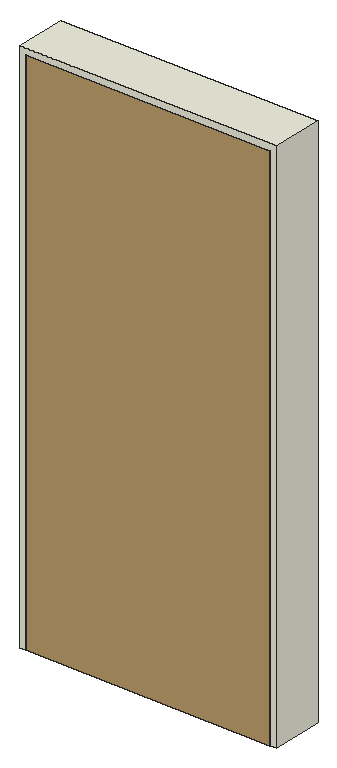
Revit family
Parameters (values of type "WD01 1000*2100")
  중심에서 문거리 [instance] = 100 mm
  Assembly Code = ""
  재료 [instance] = none
  외부마감두께 [instance] = 20 mm
  복합벽 구조두께 [instance] = 200 mm
  문폭 [instance] = 200 mm
  문크기 [instance] = 950 mm
  문두께 [instance] = 30 mm
  문각도 [instance] = 90.00°
  Model = "WD01"
  Thickness = 50 mm
  Rough Height = 0 mm
  높이B [instance] = 20 mm
  높이A [instance] = 25 mm
  Height = 2100 mm
  Wall Closure = 4
  Width = 1000 mm
  내부마감두께 [instance] = 10 mm
  Function = (empty or 0)
Types (3, lengths in mm): name | Model | Height | Width
  SD04 600*1800 | "SD04" | 1800 | 600
  SD03 800*2100 | "SD03" | 2100 | 800
  WD01 1000*2100 | "WD01" | 2100 | 1000
Reference planes
  plane 1 "벽중심선": y = 0
  plane 2 "중심(왼쪽/오른쪽)": x = 0
  plane 3 "왼쪽": x = -500
  plane 4 "오른쪽": x = 500
  plane 5: z = 2100
  plane 6 "외부": y = 150
  plane 7 "내부": y = -150
  plane 8: y = 100
  plane 9: y = -100
  plane 10: y = 100
  plane 11: y = -100
Forms (mm)
  Extrusion 1, void
    sketch origin (0, 0, 0) x (1, 0, 0) y (0, 1, 0)
      loop
        line (-500, 100) -> (-500, -100) -> (500, -100) -> (500, 100) -> (-500, 100)
    from 0 to 2100
  Extrusion 2, void
    sketch origin (0, 0, 0) x (1, 0, 0) y (0, 1, 0)
      loop
        line (-480, 600) -> (-480, 100) -> (480, 100) -> (480, 600) -> (-480, 600)
    from 0 to 2080
  Extrusion 3, void
    sketch origin (0, 0, 0) x (1, 0, 0) y (0, 1, 0)
      loop
        line (-490, -100) -> (-490, -600) -> (490, -600) -> (490, -100) -> (-490, -100)
    from 0 to 2090
  Sweep 4, solid, material "문프레임"
    path origin (-5000, 0, 0) x (-1, 0, 0) y (0, 0, 1)
      loop
        line (-5500, 0) -> (-5500, 2100) -> (-4500, 2100) -> (-4500, 0)
    profile origin (0, 0, 2100) x (0, 0, 1) y (0, 1, 0)
      loop
        line (0, -100) -> (0, 100) -> (-25, 100) -> (-25, 70) -> (-45, 70) -> (-45, -70) -> (-25, -70) -> (-25, -100) -> (0, -100)
  Extrusion 5, solid, material "문"
    sketch origin (0, 0, 0) x (1, 0, 0) y (0, 1, 0)
      loop
        line (-475, -70) -> (-475, -100) -> (475, -100) -> (475, -70) -> (-475, -70)
    from 0 to 2075
Lines and regions (mm)
  reference lines
    curve 1: line (-490, 613.131, 0) -> (-490, -599.343, 0)
    curve 2: line (490, 613.131, 0) -> (490, -599.343, 0)
    curve 3: line (750, 100, 0) -> (-735, 100, 0)
    curve 4: line (490, -100, 0) -> (-735, -100, 0)
    curve 5: line (-480, 613.131, 0) -> (-480, -599.343, 0)
    curve 6: line (480, 613.131, 0) -> (480, -599.343, 0)
    curve 7: line (750, 600, 0) -> (-750, 600, 0)
    curve 8: line (750, -600, 0) -> (-750, -600, 0)
    curve 9: line (-677.216, -150, 2090) -> (1022.784, -150, 2090)
    curve 10: line (750, 150, 2080) -> (-750, 150, 2080)
    curve 15: line (-475, -100, 0) -> (-475, -1620, 0)
  symbolic lines
    curve 11: line (-475, -100, 0) -> (-475, -1050, 0)
    curve 12: arc (-475, -1050, 0) -> (196.751, -771.751, 0) -> (475, -100, 0) r 950
    curve 13: line (-445, -100, 0) -> (-475, -100, 0)
    curve 14: line (-445, -100, 0) -> (-445, -1049.526, 0)
    curve 20: circle (375, -150, 900) r 30 normal (0, -1, 0)
    curve 21: line (325, -150, 900) -> (425, -150, 900)
    curve 22: line (375, -150, 850) -> (375, -150, 950)
  model lines, style "입면도"
    curve 16: line (-475, -150, 987.5) -> (475, -150, 2075)
    curve 17: line (-475, -150, 987.5) -> (475, -150, 0)
    curve 18: line (-452.42, 150, 977.621) -> (452.42, 150, 0)
    curve 19: line (-452.42, 150, 977.621) -> (452.42, 150, 2055)
Text (mm)
  text "외부" at (-2295.016, 1099.543, 0), in view "참조 레벨"
  text "외부" at (0, 1615.38, 3698.081), in view "왼쪽"
  text "외부" at (0, 1036.032, 3874.932), in view "오른쪽"
Dimensions and locks
  equal spacing: plane 3 "왼쪽", plane 2 "중심(왼쪽/오른쪽)", plane 4 "오른쪽"
  "Width": plane 3 "왼쪽" to plane 4 "오른쪽"
  "Height": plane 5 to host wall
  host wall to plane 5 = 2100 mm  (x2)
  locked: plane 6 "외부" to host wall at 0
  locked: plane 7 "내부" to host wall
  "내부마감두께": plane 5 to curve 9
  "외부마감두께": curve 10 to plane 5
  "복합벽 구조두께": plane 10 to plane 11
  "중심에서 문거리": host wall to plane 10
  "문두께": Sweep 4 sketch curve to Sweep 4 sketch curve  (x2)
  "높이A": Sweep 4 sketch curve to Sweep 4 sketch curve  (x2)
  "높이B": Sweep 4 sketch curve to Sweep 4 sketch curve
  "문두께": Extrusion 5 sketch curve to Extrusion 5 sketch curve
  "문두께": curve 11 to curve 14
  "문폭": Sweep 4 sketch curve to Sweep 4 sketch curve
  "중심에서 문거리": profile plane to plane 10
  equal spacing: curve 13, plane 2 "중심(왼쪽/오른쪽)", curve 12
  "내부마감두께": plane 3 "왼쪽" to curve 1
  "내부마감두께": curve 2 to plane 4 "오른쪽"
  "외부마감두께": curve 6 to plane 4 "오른쪽"
  "외부마감두께": plane 3 "왼쪽" to curve 5
  locked: plane 4 "오른쪽" to curve 22 at 125
  "문크기": radius of curve 12
  "문각도": angle curve 15 to curve 4
  aligned and locked: plane 1 "벽중심선" to host wall
  aligned and locked: plane 3 "왼쪽" to Extrusion 1 sketch curve
  aligned and locked: Extrusion 1 sketch curve to curve 3
  aligned and locked: Extrusion 1 sketch curve to curve 4
  aligned and locked: plane 4 "오른쪽" to Extrusion 1 sketch curve
  aligned and locked: curve 5 to Extrusion 2 sketch curve
  aligned and locked: Extrusion 2 sketch curve to curve 7
  aligned and locked: curve 3 to Extrusion 2 sketch curve
  aligned and locked: curve 6 to Extrusion 2 sketch curve
  aligned and locked: curve 1 to Extrusion 3 sketch curve
  aligned and locked: Extrusion 3 sketch curve to curve 4
  aligned and locked: curve 8 to Extrusion 3 sketch curve
  aligned and locked: curve 2 to Extrusion 3 sketch curve
  aligned and locked: Extrusion 3 to curve 9
  aligned and locked: Extrusion 1 to plane 5
  aligned and locked: Extrusion 2 to curve 10
  aligned and locked: plane 10 to plane 8
  aligned and locked: plane 11 to plane 9
  aligned and locked: Sweep 4 sketch curve to plane 10
  aligned and locked: Extrusion 5 sketch curve to Sweep 4  (x3)
  aligned and locked: Sweep 4 to Extrusion 5
  aligned and locked: Sweep 4 sketch curve to plane 5
  aligned and locked: plane 3 "왼쪽" to Sweep 4 sketch curve
  aligned and locked: curve 15 to curve 11
Automatic sketch dimensions
  plane 3 "왼쪽" to curve 9 = 177.216 mm
  curve 9 to plane 4 "오른쪽" = 522.784 mm
  plane 3 "왼쪽" to curve 10 = 250 mm
  curve 10 to plane 4 "오른쪽" = 250 mm
  curve 4 to plane 9 = 0 mm
  curve 3 to plane 8 = 0 mm
  curve 4 to curve 3 = 0 mm
  plane 3 "왼쪽" to curve 7 = 250 mm
  plane 3 "왼쪽" to curve 8 = 250 mm
  curve 15 to plane 3 "왼쪽" = 25 mm
  curve 3 to plane 4 "오른쪽" = 250 mm
  curve 7 to plane 4 "오른쪽" = 250 mm
  curve 8 to plane 4 "오른쪽" = 250 mm
  host wall to curve 5 = 449.343 mm
  host wall to curve 6 = 449.343 mm
  curve 1 to curve 5 = 0 mm  (x2)
  curve 2 to curve 6 = 0 mm
  curve 8 to curve 2 = 0.657 mm
  host wall to curve 7 = 450 mm
  curve 7 to curve 2 = 13.131 mm
  curve 7 to curve 5 = 13.131 mm
  curve 6 to curve 2 = 0 mm
  curve 13 to plane 9 = 0 mm
  curve 12 to plane 9 = 0 mm
  Sweep 4 sketch curve to plane 4 "오른쪽" = 0 mm
  Sweep 4 sketch curve to level = 0 mm  (x2)
  profile plane to Sweep 4 sketch curve = 0 mm
  curve 17 to level = 0 mm
  curve 17 to plane 3 "왼쪽" = 25 mm
  curve 21 to curve 20 = 50 mm
  curve 20 to curve 21 = 50 mm
  curve 22 to curve 21 = 50 mm  (x2)
  plane 4 "오른쪽" to curve 16 = 25 mm
  plane 4 "오른쪽" to curve 17 = 25 mm
  curve 20 to curve 21 = 0 mm
  curve 21 to curve 16 = 87.5 mm
  plane 5 to curve 16 = 25 mm
  curve 20 to curve 22 = 50 mm
  level to curve 22 = 850 mm
  curve 18 to level = 0 mm
  curve 19 to plane 3 "왼쪽" = 47.58 mm
  plane 4 "오른쪽" to curve 19 = 47.58 mm
  plane 4 "오른쪽" to curve 18 = 47.58 mm
  level to curve 19 = 977.621 mm
  plane 5 to curve 19 = 45 mm
  radius of curve 20 = 30 mm
